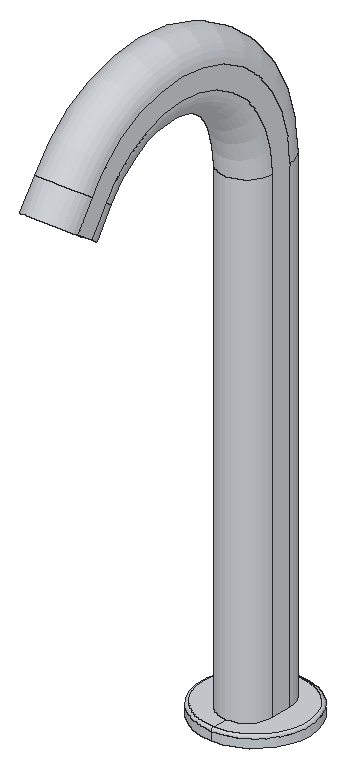
Revit family "Faucet_Touchless-Lavatory-KOHLER-Oblo_Tall-K-104B87_1", category Plumbing Fixtures, host Face, Revit 2017
Family settings
  Host = Face
  Round Connector Dimension = Use Diameter
  Part Type = Normal
  OmniClass Number = 23.31.11.00
  Cut with Voids When Loaded = No
  Shared = No
  Room Calculation Point = No
Parameters (values of type "CP-Polished Chrome")
  Width = 2 5/16"  # constant formula
  WaterSense Certified = 1 = 0  # no
  Waste Water Outlet = "Waste Water Outlet"  # constant formula
  Waste Connection = 1 = 0  # no
  Vent Connection = 1 = 0  # no
  URL = "https://www.us.kohler.com/us/"
  Spout Reach = 5 3/16"  # constant formula
  Product Page URL = "http://www.us.kohler.com/us/catalog/productDetails.jsp?productNumber=104B87-SANA"
  Product Name = "Oblo Tall"  # constant formula
  Product Documentation Link = "https://www.us.kohler.com/webassets/kpna/catalog/pdf/en/K-104B87-SANA_spec.pdf"
  Pressure = 60.00 psi  # constant formula
  Model = "K-104B87-SANA-CP"  # constant formula
  Material = "Brass Construction"  # constant formula
  MasterFormat 2004 = "22.41.39"  # constant formula
  MasterFormat 1995 = "15410"  # constant formula
  Manufacturer Address = "444 Highland Dr, Kohler, WI 53044"  # constant formula
  Manufacturer = "KOHLER Co."  # constant formula
  Length = Spout Reach  # 5 3/16"
  Hot Water Inlet = "Hot Water Inlet"  # constant formula
  Height = 13 7/8"  # constant formula
  HW Connection = 1 = 1  # yes
  Flow Rate = 0.5 GPM  # constant formula
  Finish = Kohler-Metal-CP-Polished_Chrome
  Environmental Product Declaration = ""
  Drain Included = 1 = 1  # yes
  Description = "Touchless faucet with Kinesis sensor technology and temperature mixer, DC-powered"  # constant formula
  Default Elevation = 36"
  Declare Label = ""
  Date Modified = "01/10/2020"  # constant formula
  Date Created = "01/10/2020"  # constant formula
  Copyright = "Copyright KOHLER Co."  # constant formula
  Contact Us = "https://www.us.kohler.com/us/static/contact.jsp"
  Cold Water Inlet = "Cold Water Inlet"  # constant formula
  CW Connection = 1 = 1  # yes
  Assembly Code = "D2010"
  ADA Compliant = 1 = 1  # yes
Reference planes (in)
  plane 1 "Center (Front/Back)": y = 0
  plane 2: z = 0
  plane 3 "Center (Left/Right)": x = 0
  plane 4: x = -1.15625
  plane 5: x = 1.15625
  plane 6: y = 1.15625
  plane 7: y = -1.15625
  plane 8: y = -5.1875
  plane 9: z = 13.875
  plane 10: z = 0.23622
  plane 11: z = 11.4375
  plane 12: y = -5.82161
  plane 13: x = -0.55118
  plane 14: x = 0.55118
  plane 15: y = 0.77357
Dimensions and locks (in)
  "Width": plane 4 to plane 5
  locked: plane 7 to plane 6 at 2.3125
  "Length": plane 8 to plane 1 "Center (Front/Back)"
  "Height": plane 9 to plane 2
  locked: level to plane 11 at 11.4375
  "Spout Reach": plane 1 "Center (Front/Back)" to plane 8
  aligned and locked: plane 2 to host face
  aligned and locked: level to host face
Automatic sketch dimensions
  host sketch curve to host sketch curve = 96"  (x2)
Nested families (in)
  nested 1: "K-104B87" at (0, 0, 0), type "K-104B87"
Connectors (in)
  piping at (-0.55118, 0, 0), diameter 0.375, driven by "Flow Rate", driven by "Pressure", driven by "HW Connection", driven by "Hot Water Inlet"
    settings: on nested 1, index 1, connector inside diameter 24", connector length 0", flow factor 0, pipe flow 0.5 GPM, pressure drop 60.00 psi, fitting loss kfactor 0, connector angle 0.00°, fixture units 0, engagement length 0", angle of deflection 0.00°, flow configuration 1, flow direction 1, fitting loss method 4, system type 19, joint type 0, gender type 0, connector reference index -1, connector utility 1, adjustable connector no, is connector primary yes, connector description "Hot Water Inlet"
  piping at (0.55118, 0, 0), diameter 0.375, driven by "Flow Rate", driven by "Pressure", driven by "CW Connection", driven by "Cold Water Inlet"
    settings: on nested 1, index 2, connector inside diameter 24", connector length 0", flow factor 0, pipe flow 0.5 GPM, pressure drop 60.00 psi, fitting loss kfactor 0, connector angle 0.00°, fixture units 0, engagement length 0", angle of deflection 0.00°, flow configuration 1, flow direction 1, fitting loss method 4, system type 20, joint type 0, gender type 0, connector reference index -1, connector utility 1, adjustable connector no, is connector primary no, connector description "Cold Water Inlet"
Definition of nested family "K-104B87"
  Parameters (values of type "K-104B87")
    Material = none
  Reference planes (in)
    plane 1 "Center (Front/Back)": y = 0
    plane 2: z = 0
    plane 3 "Center (Left/Right)": x = 0
    plane 4: x = -1.15625
    plane 5: x = 1.15625
    plane 6: y = 1.15625
    plane 7: y = -1.15625
    plane 8: z = 13.875
    plane 9: y = -5.1875
    plane 10: z = 11.4375
    plane 11: y = 0.77357
    plane 12: y = -0.77357
    plane 13: z = 0.23622
    plane 14: y = -5.82121
    plane 15: x = -0.55118
    plane 16: x = 0.55118
  Forms (in)
    Revolve 1, solid, material <- "Material", detail levels medium+fine
      sketch origin (0, 0, 0) x (0, 1, 0) y (0, 0, 1)
        loop
          line (1.15625, 0) -> (1.15625, 0.17964)
          arc (1.15625, 0.17964) -> (1.13968, 0.21965) -> (1.09967, 0.23622) r 0.05658
          line (1.09967, 0.23622) -> (0, 0.23622) -> (0, 0) -> (1.15625, 0)
        axis (0, 0) -> (0, 0.23622)
      angle from 0 to 360
    Sweep 2, solid, material <- "Material", detail levels medium+fine
      path origin (0, 0, -0.04004) x (0, 1, 0) y (0, 0, 1)
        loop
          line (0, 0.27706) -> (0, 10.5154)
          arc (0, 10.5154) -> (-1.84846, 13.03639) -> (-4.80861, 12.03155) r 2.64332
          line (-4.80861, 12.03155) -> (-5.1875, 11.49044)
      profile origin (0, 0, 5.35619) x (0, -1, 0) y (1, 0, 0)
        loop
          spline (0.22638, -0.55118) -> (0.36802, -0.53239) -> (0.50001, -0.47732) -> (0.61335, -0.3897) -> (0.70031, -0.27552) -> (0.75496, -0.14256) -> (0.77357, 0.00012) -> (0.75489, 0.14279) -> (0.70018, 0.27573) -> (0.61318, 0.38987) -> (0.4998, 0.47744) -> (0.36779, 0.53246) -> (0.22613, 0.55118)
          line (0.22613, 0.55118) -> (-0.22638, 0.55118)
          spline (-0.22638, 0.55118) -> (-0.368, 0.5324) -> (-0.49998, 0.47734) -> (-0.6133, 0.38974) -> (-0.70026, 0.27559) -> (-0.75493, 0.14266) -> (-0.77358, 0) -> (-0.75493, -0.14266) -> (-0.70026, -0.27559) -> (-0.6133, -0.38974) -> (-0.49998, -0.47734) -> (-0.368, -0.5324) -> (-0.22638, -0.55118)
          line (-0.22638, -0.55118) -> (0.22638, -0.55118)
    Extrusion 3, solid, material <- "Material", detail levels coarse
      sketch origin (0, 0, 0) x (1, 0, 0) y (0, 1, 0)
        loop
          circle (0, 0) r 1.15625
      from 0 to 0.23622
    Sweep 4, solid, material <- "Material", detail levels coarse
      path origin (0, 0, -0.0166) x (0, 1, 0) y (0, 0, 1)
        loop
          line (0, 0.22048) -> (0, 10.47048)
          arc (0, 10.47048) -> (-1.8532, 12.99792) -> (-4.82093, 11.99051) r 2.6501
          line (-4.82093, 11.99051) -> (-5.1875, 11.467)
      profile origin (0, 0, 5.32887) x (0, -1, 0) y (1, 0, 0)
        loop
          spline (0.77362, 0) -> (0.74726, 0.14266) -> (0.66997, 0.27559) -> (0.54703, 0.38974) -> (0.38681, 0.47734) -> (0.20023, 0.5324) -> (0, 0.55118) -> (-0.20023, 0.5324) -> (-0.38681, 0.47734) -> (-0.54703, 0.38974) -> (-0.66997, 0.27559) -> (-0.74726, 0.14266) -> (-0.77362, 0)
          spline (-0.77362, 0) -> (-0.74726, -0.14266) -> (-0.66997, -0.27559) -> (-0.54703, -0.38974) -> (-0.38681, -0.47734) -> (-0.20023, -0.5324) -> (0, -0.55118) -> (0.20023, -0.5324) -> (0.38681, -0.47734) -> (0.54703, -0.38974) -> (0.66997, -0.27559) -> (0.74726, -0.14266) -> (0.77362, 0)
    Extrusion 5, void
      sketch origin (0, -5.1875, 11.4504) x (1, 0, 0) y (0, -0.819152, 0.573576)
        loop
          circle (0, 0.08619) r 0.5
        loop
          circle (0, 0.08619) r 0.48516
        loop
          circle (0, 0.08619) r 0.41777
      from -0.10741 to 0.12297
    Extrusion 6, solid, detail levels medium+fine
      sketch origin (0, -5.1875, 11.4504) x (1, 0, 0) y (0, -0.819152, 0.573576)
        loop
          arc (-0.0488, 0.25324) -> (-0.14351, 0.21888) -> (-0.22063, 0.15404) r 0.2885
          line (-0.22063, 0.15404) -> (-0.18604, 0.13407) -> (-0.23558, 0.04826) -> (-0.27017, 0.06823)
          arc (-0.27017, 0.06823) -> (-0.28776, -0.03097) -> (-0.27017, -0.13018) r 0.2885
          line (-0.27017, -0.13018) -> (-0.23558, -0.11021) -> (-0.18604, -0.19602) -> (-0.22063, -0.21599)
          arc (-0.22063, -0.21599) -> (-0.14351, -0.28083) -> (-0.0488, -0.31519) r 0.2885
          line (-0.0488, -0.31519) -> (-0.0488, -0.27525) -> (0.05029, -0.27525) -> (0.05029, -0.31519)
          arc (0.05029, -0.31519) -> (0.14499, -0.28083) -> (0.22211, -0.21599) r 0.2885
          line (0.22211, -0.21599) -> (0.18752, -0.19602) -> (0.23706, -0.11021) -> (0.27165, -0.13018)
          arc (0.27165, -0.13018) -> (0.28925, -0.03097) -> (0.27165, 0.06823) r 0.2885
          line (0.27165, 0.06823) -> (0.23706, 0.04826) -> (0.18752, 0.13407) -> (0.22211, 0.15404)
          arc (0.22211, 0.15404) -> (0.14499, 0.21888) -> (0.05029, 0.25324) r 0.2885
          line (0.05029, 0.25324) -> (0.05029, 0.2133) -> (-0.0488, 0.2133) -> (-0.0488, 0.25324)
      from -0.10741 to -0.08036
    Extrusion 7, solid, material <- "Material", detail levels medium+fine
      sketch origin (0, 0, 0) x (1, 0, 0) y (0, 1, 0)
        loop
          circle (-0.55118, 0) r 0.07014
        loop
          circle (0.55118, 0) r 0.07014
      from 0 to 0.01356
  Cuts and joins
    Extrusion 5 cuts Sweep 2
    joined: Revolve 1, Sweep 2
    joined: Extrusion 3, Sweep 4
  Lines and regions (in)
    Masking region 1
      outline origin (0, 0, 0) x (1, 0, 0) y (0, 1, 0)
        loop
          arc (0.55118, -1.01642) -> (1.12075, 0.28432) -> (0, 1.15625) r 1.15625
          arc (0, 1.15625) -> (-1.12075, 0.28432) -> (-0.55118, -1.01642) r 1.15625
          line (-0.55118, -1.01642) -> (-0.55118, -5.37338)
          spline (-0.55118, -5.37338) -> (-0.53241, -5.48935) -> (-0.47738, -5.59743) -> (-0.38983, -5.69025) -> (-0.27574, -5.76149) -> (-0.14286, -5.80629) -> (-0.00026, -5.82161) -> (0.14237, -5.8064) -> (0.27529, -5.7617) -> (0.38947, -5.69055) -> (0.47712, -5.5978) -> (0.53228, -5.48976) -> (0.55118, -5.37379)
          line (0.55118, -5.37379) -> (0.55118, -1.01642)
    Masking region 2
      outline origin (0, 0, 0) x (1, 0, 0) y (0, 0, 1)
        loop
          line (1.15625, 0) -> (1.15625, 0.18027)
          arc (1.15625, 0.18027) -> (1.13986, 0.21983) -> (1.1003, 0.23622) r 0.05595
          line (1.1003, 0.23622) -> (0.55118, 0.23622) -> (0.55118, 13.32382)
          arc (0.55118, 13.32382) -> (0, 13.875) -> (-0.55118, 13.32382) r 0.55118
          line (-0.55118, 13.32382) -> (-0.55118, 0.23622) -> (-1.1003, 0.23622)
          arc (-1.1003, 0.23622) -> (-1.13986, 0.21983) -> (-1.15625, 0.18027) r 0.05595
          line (-1.15625, 0.18027) -> (-1.15625, 0) -> (1.15625, 0)
    Masking region 3
      outline origin (0, 0, 0) x (0, 1, 0) y (0, 0, 1)
        loop
          line (1.15625, 0) -> (1.15625, 0.18047)
          arc (1.15625, 0.18047) -> (1.13992, 0.21989) -> (1.1005, 0.23622) r 0.05575
          line (1.1005, 0.23622) -> (0.77357, 0.23622) -> (0.77357, 10.45316)
          arc (0.77357, 10.45316) -> (-1.62074, 13.71859) -> (-5.45502, 12.41703) r 3.4239
          line (-5.45502, 12.41703) -> (-5.82121, 11.88123) -> (-4.55988, 10.99804) -> (-4.18005, 11.5405)
          arc (-4.18005, 11.5405) -> (-2.08305, 12.25234) -> (-0.77357, 10.46644) r 1.87256
          line (-0.77357, 10.46644) -> (-0.77357, 0.23622) -> (-1.1005, 0.23622)
          arc (-1.1005, 0.23622) -> (-1.13992, 0.21989) -> (-1.15625, 0.18047) r 0.05575
          line (-1.15625, 0.18047) -> (-1.15625, 0) -> (1.15625, 0)
    symbolic lines, detail levels medium+fine
      curve 1: spline (-0.55118, 0.22638, 0) -> (-0.5324, 0.368, 0) -> (-0.47734, 0.49998, 0) -> (-0.38974, 0.6133, 0) -> (-0.27559, 0.70026, 0) -> (-0.14266, 0.75493, 0) -> (0, 0.77357, 0) -> (0.14266, 0.75493, 0) -> (0.27559, 0.70026, 0) -> (0.38974, 0.6133, 0) -> (0.47734, 0.49998, 0) -> (0.5324, 0.368, 0) -> (0.55118, 0.22638, 0)
      curve 2: line (-0.55118, 0.22638, 0) -> (-0.55118, -1.01642, 0)
      curve 3: line (0.55118, 0.22638, 0) -> (0.55118, -1.01642, 0)
      curve 4: line (-0.55118, 0, 0.23622) -> (0.55118, 0, 0.23622)
      curve 5: line (0, 0.77357, 0.23622) -> (0, -0.77357, 0.23622)
      curve 6: line (0, 0.30078, 0.23622) -> (0, 0.30078, 10.29809)
      curve 7: line (0, -0.30078, 0.23622) -> (0, -0.30078, 10.43401)
      curve 8: line (0, -4.94717, 11.26922) -> (0, -4.58594, 11.78512)
      curve 9: line (0, -5.43995, 11.61426) -> (0, -5.15667, 12.01882)
      curve 10: arc (0, -0.30078, 10.43401) -> (0, -1.94803, 12.68057) -> (0, -4.58594, 11.78512) r 2.35558
      curve 11: arc (0, 0.30078, 10.29809) -> (0, -1.7971, 13.15924) -> (0, -5.15667, 12.01882) r 3
      curve 12: spline (0.55118, 0, 11.58024) -> (0.5324, 0, 11.66147) -> (0.47734, 0, 11.73717) -> (0.38974, 0, 11.80217) -> (0.27559, 0, 11.85205) -> (0.14266, 0, 11.88341) -> (0, 0, 11.8941) -> (-0.14266, 0, 11.88341) -> (-0.27559, 0, 11.85205) -> (-0.38974, 0, 11.80217) -> (-0.47734, 0, 11.73717) -> (-0.5324, 0, 11.66147) -> (-0.55118, 0, 11.58024)
      curve 13: spline (-0.55118, 0, 11.32055) -> (-0.53239, 0, 11.23931) -> (-0.47732, 0, 11.1636) -> (-0.3897, 0, 11.09859) -> (-0.27552, 0, 11.04872) -> (-0.14256, 0, 11.01737) -> (0.00012, 0, 11.00669) -> (0.14279, 0, 11.01741) -> (0.27573, 0, 11.04879) -> (0.38987, 0, 11.09869) -> (0.47744, 0, 11.16372) -> (0.53246, 0, 11.23944) -> (0.55118, 0, 11.32069)
      curve 14: spline (0.5, 0, 11.49983) -> (0.48296, 0, 11.42561) -> (0.43301, 0, 11.35644) -> (0.35355, 0, 11.29704) -> (0.25, 0, 11.25147) -> (0.12941, 0, 11.22282) -> (0, 0, 11.21304) -> (-0.12941, 0, 11.22282) -> (-0.25, 0, 11.25147) -> (-0.35355, 0, 11.29704) -> (-0.43301, 0, 11.35644) -> (-0.48296, 0, 11.42561) -> (-0.5, 0, 11.49983) -> (-0.48296, 0, 11.57406) -> (-0.43301, 0, 11.64323) -> (-0.35355, 0, 11.70262) -> (-0.25, 0, 11.7482) -> (-0.12941, 0, 11.77685) -> (0, 0, 11.78662) -> (0.12941, 0, 11.77685) -> (0.25, 0, 11.7482) -> (0.35355, 0, 11.70262) -> (0.43301, 0, 11.64323) -> (0.48296, 0, 11.57406) -> (0.5, 0, 11.49983)
      curve 15: spline (0.48516, 0, 11.49983) -> (0.46863, 0, 11.57186) -> (0.42016, 0, 11.63897) -> (0.34306, 0, 11.6966) -> (0.24258, 0, 11.74083) -> (0.12557, 0, 11.76863) -> (0, 0, 11.77811) -> (-0.12557, 0, 11.76863) -> (-0.24258, 0, 11.74083) -> (-0.34306, 0, 11.6966) -> (-0.42016, 0, 11.63897) -> (-0.46863, 0, 11.57186) -> (-0.48516, 0, 11.49983) -> (-0.46863, 0, 11.42781) -> (-0.42016, 0, 11.3607) -> (-0.34306, 0, 11.30306) -> (-0.24258, 0, 11.25884) -> (-0.12557, 0, 11.23104) -> (0, 0, 11.22156) -> (0.12557, 0, 11.23104) -> (0.24258, 0, 11.25884) -> (0.34306, 0, 11.30306) -> (0.42016, 0, 11.3607) -> (0.46863, 0, 11.42781) -> (0.48516, 0, 11.49983)
      curve 16: spline (0.41777, 0, 11.49983) -> (0.40354, 0, 11.43781) -> (0.3618, 0, 11.38002) -> (0.29541, 0, 11.33039) -> (0.20889, 0, 11.29231) -> (0.10813, 0, 11.26837) -> (0, 0, 11.26021) -> (-0.10813, 0, 11.26837) -> (-0.20888, 0, 11.29231) -> (-0.29541, 0, 11.33039) -> (-0.3618, 0, 11.38002) -> (-0.40354, 0, 11.43781) -> (-0.41777, 0, 11.49983) -> (-0.40354, 0, 11.56185) -> (-0.3618, 0, 11.61964) -> (-0.29541, 0, 11.66927) -> (-0.20888, 0, 11.70735) -> (-0.10813, 0, 11.73129) -> (0, 0, 11.73946) -> (0.10813, 0, 11.73129) -> (0.20889, 0, 11.70735) -> (0.29541, 0, 11.66927) -> (0.3618, 0, 11.61964) -> (0.40354, 0, 11.56185) -> (0.41777, 0, 11.49983)
      curve 17: spline (-0.41067, 0, 11.54382) -> (-0.39909, 0, 11.51697) -> (-0.3822, 0, 11.49106) -> (-0.36021, 0, 11.46643) -> (-0.33342, 0, 11.44343) -> (-0.30218, 0, 11.42235) -> (-0.26692, 0, 11.40348) -> (-0.2281, 0, 11.38706) -> (-0.18624, 0, 11.37332) -> (-0.14189, 0, 11.36244) -> (-0.09566, 0, 11.35456) -> (-0.04815, 0, 11.34979) -> (0, 0, 11.34819)
      curve 18: spline (0, 0, 11.34819) -> (0.04815, 0, 11.34979) -> (0.09566, 0, 11.35456) -> (0.14189, 0, 11.36244) -> (0.18624, 0, 11.37332) -> (0.2281, 0, 11.38706) -> (0.26692, 0, 11.40348) -> (0.30218, 0, 11.42235) -> (0.33342, 0, 11.44343) -> (0.36021, 0, 11.46643) -> (0.3822, 0, 11.49106) -> (0.39909, 0, 11.51697) -> (0.41067, 0, 11.54382)
      curve 19: line (-0.04959, 0, 11.35755) -> (-0.04959, 0, 11.38046)
      curve 20: line (0.0495, 0, 11.38046) -> (0.0495, 0, 11.35755)
      curve 21: spline (0.22132, 0, 11.41445) -> (0.21013, 0, 11.40721) -> (0.19821, 0, 11.40036) -> (0.18562, 0, 11.39391) -> (0.17239, 0, 11.3879) -> (0.15857, 0, 11.38235) -> (0.14421, 0, 11.37726) -> (0.12935, 0, 11.37267) -> (0.11405, 0, 11.36858) -> (0.09836, 0, 11.36502) -> (0.08234, 0, 11.36198) -> (0.06603, 0, 11.35949) -> (0.0495, 0, 11.35755)
      curve 22: line (0.18673, 0, 11.42591) -> (0.22132, 0, 11.41445)
      curve 23: line (0.23627, 0, 11.47513) -> (0.18673, 0, 11.42591)
      curve 24: line (0.27087, 0, 11.46367) -> (0.23627, 0, 11.47513)
      curve 25: spline (0.27087, 0, 11.57747) -> (0.2762, 0, 11.56829) -> (0.28059, 0, 11.55895) -> (0.28403, 0, 11.54947) -> (0.28649, 0, 11.53989) -> (0.28796, 0, 11.53025) -> (0.28846, 0, 11.52057) -> (0.28796, 0, 11.5109) -> (0.28649, 0, 11.50126) -> (0.28403, 0, 11.49168) -> (0.28059, 0, 11.4822) -> (0.2762, 0, 11.47286) -> (0.27087, 0, 11.46367)
      curve 26: line (0.23627, 0, 11.56602) -> (0.27087, 0, 11.57747)
      curve 27: line (0.18673, 0, 11.61524) -> (0.23627, 0, 11.56602)
      curve 28: spline (0.0495, 0, 11.68359) -> (0.06603, 0, 11.68165) -> (0.08234, 0, 11.67916) -> (0.09836, 0, 11.67613) -> (0.11405, 0, 11.67256) -> (0.12935, 0, 11.66848) -> (0.14421, 0, 11.66388) -> (0.15857, 0, 11.6588) -> (0.17239, 0, 11.65324) -> (0.18562, 0, 11.64723) -> (0.19821, 0, 11.64079) -> (0.21013, 0, 11.63394) -> (0.22132, 0, 11.62669)
      curve 29: line (0.22132, 0, 11.62669) -> (0.18673, 0, 11.61524)
      curve 30: line (0.0495, 0, 11.68359) -> (0.0495, 0, 11.63853)
      curve 31: line (0.0495, 0, 11.63853) -> (-0.04959, 0, 11.63853)
      curve 32: line (-0.04959, 0, 11.63853) -> (-0.04959, 0, 11.68359)
      curve 33: spline (-0.22142, 0, 11.62669) -> (-0.21022, 0, 11.63394) -> (-0.1983, 0, 11.64079) -> (-0.18571, 0, 11.64723) -> (-0.17248, 0, 11.65324) -> (-0.15866, 0, 11.6588) -> (-0.1443, 0, 11.66388) -> (-0.12944, 0, 11.66848) -> (-0.11415, 0, 11.67256) -> (-0.09846, 0, 11.67613) -> (-0.08243, 0, 11.67916) -> (-0.06612, 0, 11.68165) -> (-0.04959, 0, 11.68359)
      curve 34: line (-0.18683, 0, 11.61524) -> (-0.22142, 0, 11.62669)
      curve 35: line (-0.23637, 0, 11.56602) -> (-0.18683, 0, 11.61524)
      curve 36: line (-0.27096, 0, 11.57747) -> (-0.23637, 0, 11.56602)
      curve 37: spline (-0.27096, 0, 11.46367) -> (-0.2763, 0, 11.47286) -> (-0.28069, 0, 11.4822) -> (-0.28412, 0, 11.49168) -> (-0.28658, 0, 11.50126) -> (-0.28806, 0, 11.5109) -> (-0.28855, 0, 11.52057) -> (-0.28806, 0, 11.53025) -> (-0.28658, 0, 11.53989) -> (-0.28412, 0, 11.54947) -> (-0.28069, 0, 11.55895) -> (-0.2763, 0, 11.56829) -> (-0.27096, 0, 11.57747)
      curve 38: line (-0.23637, 0, 11.47513) -> (-0.27096, 0, 11.46367)
      curve 39: line (-0.18683, 0, 11.42591) -> (-0.23637, 0, 11.47513)
      curve 40: line (-0.22142, 0, 11.41445) -> (-0.18683, 0, 11.42591)
      curve 41: spline (-0.04959, 0, 11.35755) -> (-0.06612, 0, 11.35949) -> (-0.08243, 0, 11.36198) -> (-0.09846, 0, 11.36502) -> (-0.11415, 0, 11.36858) -> (-0.12944, 0, 11.37267) -> (-0.1443, 0, 11.37726) -> (-0.15866, 0, 11.38235) -> (-0.17248, 0, 11.3879) -> (-0.18571, 0, 11.39391) -> (-0.1983, 0, 11.40036) -> (-0.21022, 0, 11.40721) -> (-0.22142, 0, 11.41445)
      curve 42: line (0.0495, 0, 11.38046) -> (-0.04959, 0, 11.38046)
  Dimensions and locks (in)
    plane 4 to plane 5 = 2 5/16"
    plane 8 to plane 2 = 13 7/8"
    plane 1 "Center (Front/Back)" to plane 9 = 5 3/16"
    plane 10 to plane 2 = 11 7/16"
    plane 11 to plane 12 = 1.54715"
    aligned and locked: plane 2 to level
